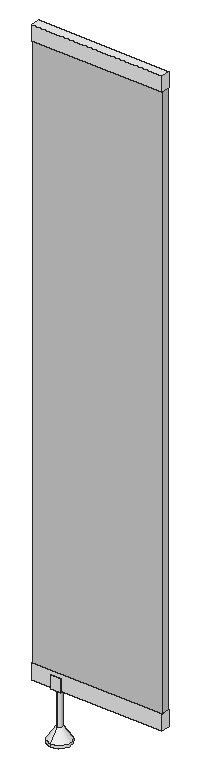
Revit family
Parameters
  가시성 - 큐비클 다리 [instance] = yes
  상단 프레임 깊이 = 45 mm
  패널 폭 [instance] = 400 mm
  재료 큐비클 패널 = 화장실 큐비클 패널
  재료 큐비클 프레임 = 화장실 큐비클 프레임
  재료 큐비클 피트 = 화장실 큐비클 피트
  다리 위치 = 75 mm
  Keynote = "K32"
  큐비클 패널 두께 = 20 mm
  큐비클 높이 = 1800 mm
  하단 프레임 깊이 = 45 mm
  베이스 간격띄우기 = 150 mm
Reference planes
  plane 1: z = 0
  plane 2: x = 397.931
  plane 3: y = -1800
  plane 4: z = 150
  plane 5: z = 1950
  plane 6: z = 1905
  plane 7: z = 195
  plane 8: x = 797.931
  plane 9: x = 472.931
Forms (mm)
  Extrusion 1, solid, material "화장실 큐비클 프레임" <- "재료 큐비클 프레임"
    sketch origin (1042.5, 0, 195) x (0, -1, 0) y (-1, 0, 0)
      loop
        line (1813, 644.569) -> (1787.295, 644.569) -> (1787.295, 244.569) -> (1813, 244.569) -> (1813, 644.569)
    from 0 to 45
  Extrusion 2, solid, material "화장실 큐비클 프레임" <- "재료 큐비클 프레임"
    sketch origin (1042.5, 0, 1950) x (0, -1, 0) y (-1, 0, 0)
      loop
        line (1813, 644.569) -> (1787.295, 644.569) -> (1787.295, 244.569) -> (1813, 244.569) -> (1813, 644.569)
    from 0 to 45
  Extrusion 3, solid, material "화장실 큐비클 패널" <- "재료 큐비클 패널"
    sketch origin (0, 0, 1950) x (0, -1, 0) y (-1, 0, 0)
      loop
        line (1810, -797.931) -> (1810, -397.931) -> (1790, -397.931) -> (1790, -797.931) -> (1810, -797.931)
    from 45 to 1755
Dimensions and locks
  "베이스 간격띄우기": plane 4 to level
  "큐비클 높이": plane 5 to plane 4
  "상단 프레임 깊이": plane 5 to plane 6
  "하단 프레임 깊이": plane 7 to plane 4
  "패널 폭": plane 2 to plane 8
  "다리 위치": plane 2 to plane 9
  aligned and locked: Extrusion 2 to plane 5
  aligned and locked: plane 6 to Extrusion 2
  aligned and locked: Extrusion 1 to plane 7
  aligned and locked: plane 4 to Extrusion 1
  aligned and locked: plane 7 to Extrusion 3
  aligned and locked: Extrusion 3 to plane 6
  aligned and locked: Extrusion 1 sketch curve to plane 8
  aligned and locked: plane 2 to Extrusion 1 sketch curve
  aligned and locked: Extrusion 2 sketch curve to plane 8
  aligned and locked: plane 2 to Extrusion 2 sketch curve
  aligned and locked: Extrusion 1 to Extrusion 3
  aligned and locked: plane 9 to nested 1
  aligned and locked: plane 3 to nested 1
Automatic sketch dimensions
  Extrusion 1 sketch curve to plane 3 = 12.705 mm
  plane 3 to Extrusion 1 sketch curve = 13 mm
  Extrusion 2 sketch curve to plane 3 = 12.705 mm
  plane 3 to Extrusion 2 sketch curve = 13 mm
  Extrusion 3 sketch curve to plane 2 = 0 mm
  Extrusion 3 sketch curve to plane 3 = 10 mm
  plane 3 to Extrusion 3 sketch curve = 10 mm
  Extrusion 3 sketch curve to plane 8 = 0 mm
Nested families
  nested 1: "화장실 큐비클 다리" at (472.931, -1800, 0) x (0, -1, 0) z (0, 0, 1), type "화장실 큐비클 다리"
Definition of nested family "화장실 큐비클 다리"
  Parameters
    가시성 - 큐비클 다리 = yes
    칸막이 두께 = 20 mm
    재료 다리 = 금속 - 알루미늄
    피트 높이 = 150 mm
  Reference planes
    plane 1 "중심(앞/뒤)": y = 0
    plane 2: z = 0
    plane 3 "중심(왼쪽/오른쪽)": x = 0
    plane 4: z = 150
    plane 5: x = -10
    plane 6: x = 10
  Forms (mm)
    Revolve 1, solid, material "금속 - 알루미늄" <- "재료 다리", visible <- "가시성 - 큐비클 다리"
      sketch origin (0, 0, 0) x (1, 0, 0) y (0, 0, 1)
        loop
          line (-7.5, 145) -> (-7.5, 43.57) -> (-32.943, 7.234) -> (-32.943, 0) -> (0, 0) -> (0, 145) -> (-7.5, 145)
        axis (0, 0) -> (0, 145)
      angle from 0 to 360
    Extrusion 2, solid, material "금속 - 알루미늄" <- "재료 다리", visible <- "가시성 - 큐비클 다리"
      sketch origin (0, 0, 0) x (1, 0, 0) y (0, 0, 1)
        loop
          line (15, 145) -> (15, 185) -> (10, 185) -> (10, 150) -> (-10, 150) -> (-10, 185) -> (-15, 185) -> (-15, 145) -> (15, 145)
      from 15 to -15
  Dimensions and locks
    "피트 높이": plane 4 to plane 2
    "칸막이 두께": plane 6 to plane 5
    equal spacing: plane 6, plane 3 "중심(왼쪽/오른쪽)", plane 5
    aligned and locked: plane 6 to Extrusion 2 sketch curve
    aligned and locked: plane 5 to Extrusion 2 sketch curve
  Automatic sketch dimensions
    Revolve 1 sketch curve to level = 0 mm
    Revolve 1 sketch curve to plane 3 "중심(왼쪽/오른쪽)" = 0 mm  (x2)
    Revolve 1 sketch curve to plane 3 "중심(왼쪽/오른쪽)" = 7.5 mm
    Revolve 1 sketch curve to plane 3 "중심(왼쪽/오른쪽)" = 32.943 mm
    Revolve 1 sketch curve to level = 60 mm
    Revolve 1 sketch curve to Revolve 1 sketch curve = 7.234 mm
    level to Revolve 1 sketch curve = 43.57 mm
    plane 4 to Revolve 1 sketch curve = 5 mm
    Revolve 1 sketch curve to plane 4 = 65 mm
    Extrusion 2 sketch curve to plane 4 = 0 mm
    Extrusion 2 sketch curve to Extrusion 2 sketch curve = 5 mm  (x2)
    plane 4 to Extrusion 2 sketch curve = 5 mm
    Extrusion 2 sketch curve to Extrusion 2 sketch curve = 35 mm
    Extrusion 2 sketch curve to Extrusion 2 sketch curve = 0 mm
